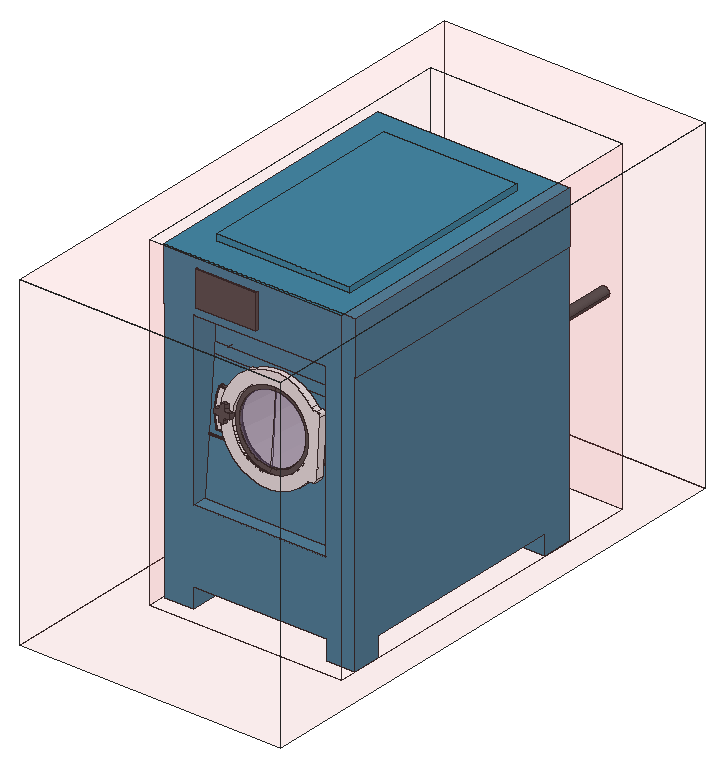
Revit family "Washer_Milnor_60lb-Capacity_MWF27", category Mechanical Equipment, Revit 2026
Family settings
  Round Connector Dimension = Use Diameter
  Part Type = Normal
  Classification Number = 23.45.70.11.14.11
  Work Plane-Based = Yes
  Always vertical = No
  Cut with Voids When Loaded = No
  Maintain Annotation Orientation = No
  Shared = No
  Room Calculation Point = No
Parameters (values of type "mwf27jab2014045d")
  doorgas = Door Opening + 0' 2 1/2"  # 1' - 6"
  Warranty Duration (Years) = 5
  Voltage_MEP = 44.5935 V
  Vibration Frequency = 0
  Unit Width = 3' - 3"
  Unit Weight = 1851
  Unit Height = 5' - 5 1/2"
  Unit Depth = 5' - 10 5/8"
  URL = "http://www.milnor.com/"
  Suspension Type = "Suspended"
  Standard Soap Chute = no
  Specification = "https://www.arcat.com/sd/clients/pellerin.html"
  SpecWizard = "https://www.arcat.com/specwizard/11110pmc/index04.htm"
  Send Message = "http://www.arcat.com/users.pl?action=UserEmail&company=Pellerin+Milnor+Corp.&coid=34740&rep=108&fax=504-468-3094&mf="
  Sales Information = "http://www.milnor.com/contact_us.aspx"
  Revision = "R1_08-2018"
  Product Properties = "https://www.arcat.com/arcatcos/cos34/arc34740.html"
  Product Data = "http://www.arcat.com/arcatcos/cos34/arc34740.html"
  Phase = 3
  Number of Poles = 1
  Model = "mwf27jab2014045d"
  Manufacturer Website = "http://www.milnor.com/"
  Manufacturer Phone - Toll Free = "800-469-8780"
  Manufacturer Phone = "504-467-9591"
  Manufacturer Fax = "504-468-3094"
  Manufacturer Address = "700 Jackson St.   Kenner, LA 70062"
  Manufacturer = "Pellerin Milnor Corp"
  Maintenance Schedule (Months) = 0
  MEP Amperage = 18.5 A
  Keynote = "11110"
  Interior Finish [instance] = Metal - Stainless Steel - Milnor - as Specified
  Installation-Fabrication = "https://www.arcat.com/catalogs/pellerin/pellerin.html"
  Installation Phase = ""
  Green Building-LEED = "https://www.arcat.com/green/green_building.shtml"
  Frequency = 60 Hz
  Extraction G-Force = "300 Gs"
  Expected Lifespan (Years) = 12
  Dynamic Load = 0.00 kip
  Drawn By = "Sumex Design, Inc. / Robert S. Weygant, CSI, CDT, SCIP"
  Door Opening = 1' - 3 1/2"
  Door Opening Depth = 1' - 5 3/4"
  Door Glazing [instance] = Glazing - Milnor - as Specified
  Door Finish [instance] = Metal - Stainless Steel - Milnor - Powder Coat as Specified
  Clearance Visible [instance] = yes
  Cabinet Front Doodads [instance] = Paint - Milnor - Black
  Description = "Milnor Commercial Washer Extractor"
  Default Elevation = 4' - 0"
  Cylinder Volume = 0.00 CF
  Cylinder Diameter = 2' - 6"
  Cylinder Depth = 1' - 10"
  Door Base from FF = 2' - 3 3/4"
  Copyright = "©Arcat Inc."
  Construction Details = "https://www.arcat.com/catalogs/pellerin/pellerin.html"
  Capacity = "60 lb"
  Cabinet Finish [instance] = Paint - Milnor - Blue
  Assembly Code = "E1010610"
  5 Compartment Supply = yes
Reference planes (in)
  plane 1 "Center (Front/Back)": y = 0
  plane 2 "Bottom": z = 0
  plane 3 "Center (Left/Right)": x = 0
  plane 4 "Front": y = -35.3125
  plane 5 "Back": y = 35.3125
  plane 6 "Left": x = -19.5
  plane 7 "Right": x = 19.5
  plane 8 "Top": z = 65.5
  plane 9: y = -53.0625
  plane 10: z = 27.75
  plane 11: y = 24.6875
  plane 12: x = -20.5
  plane 13: z = 78.98252
  plane 14: y = -28.3125
  plane 15: y = 2.95881
  plane 16: z = 70.35752
  plane 17: x = -15.875
  plane 18: x = 15.875
  plane 19: y = -25.35369
  plane 20: y = -4.58498
Forms (in)
  Extrusion 1, solid, material "Paint - Milnor - Blue" <- "Cabinet Finish"
    sketch origin (0, 0, 0) x (1, 0, 0) y (0, 0, 1)
      loop
        line (-19.5, 64.35752) -> (-19.5, 53.60752) -> (-19.1875, 53.60752) -> (-19.1875, 4) -> (19.1875, 4) -> (19.1875, 53.60752) -> (19.5, 53.60752) -> (19.5, 64.35752) -> (-19.5, 64.35752)
      loop
        line (-13.35373, 53.60752) -> (-13.35373, 19) -> (13.39627, 19) -> (13.39627, 53.60752) -> (-13.35373, 53.60752)
    from -21.95881 to 32.32761
  Extrusion 2, solid, material "Paint - Milnor - Blue" <- "Cabinet Finish"
    sketch origin (0, 0, 0) x (0, 1, 0) y (0, 0, 1)
      loop
        line (-30.5625, 6.82843) -> (21.95881, 6.82843) -> (21.95881, 15.82843) -> (21.19399, 15.82843) -> (21.19399, 53.60752) -> (-27.18521, 53.60752) -> (-27.18521, 46.47883)
        arc (-27.18521, 46.47883) -> (-27.20806, 45.43197) -> (-27.27654, 44.3871) r 24
        line (-27.27654, 44.3871) -> (-30.5625, 6.82843)
    from -15.22873 to 15.27127
  Extrusion 3, solid, material "Metal - Stainless Steel - Milnor - Powder Coat as Specified" <- "Door Finish"
    sketch origin (0, -30.5625, 6.82843) x (0, 0.087156, 0.996195) y (-1, 0, 0)
      loop
        circle (29.17799, 0) r 7.75
      loop
        arc (34.67948, -9.62729) -> (35.16456, -9.42637) -> (35.36549, -8.94129) r 0.68601
        line (35.36549, -8.94129) -> (35.36549, -8.65149)
        arc (35.36549, -8.65149) -> (35.47478, -8.19692) -> (35.77875, -7.84171) r 1
        arc (35.77875, -7.84171) -> (29.17799, 10.25) -> (22.57722, -7.84171) r 10.25
        arc (22.57722, -7.84171) -> (22.8812, -8.19692) -> (22.99049, -8.65149) r 1
        line (22.99049, -8.65149) -> (22.99049, -8.93979)
        arc (22.99049, -8.93979) -> (23.19185, -9.42593) -> (23.67799, -9.62729) r 0.6875
        line (23.67799, -9.62729) -> (34.67948, -9.62729)
    from 0 to 1.5
  Revolve 4, void
    sketch origin (0, 0, 0) x (0, 1, 0) y (0, 0, 1)
      loop
        line (-29.01567, 35.98254) -> (-5.35604, 33.91259) -> (-4.04871, 48.85551) -> (-25.96499, 50.77294) -> (-26.59687, 43.55053) -> (-28.34021, 43.70305) -> (-29.01567, 35.98254)
      axis (-29.01567, 35.98254) -> (-5.35604, 33.91259)
    angle from 0 to 360
  Extrusion 5, solid, material "Paint - Milnor - Black" <- "Cabinet Front Doodads"
    sketch origin (0, -32.32761, 0) x (1, 0, 0) y (0, 0, 1)
      loop
        line (-12.76387, 62.23611) -> (-12.76387, 55.23611) -> (-0.51387, 55.23611) -> (-0.51387, 62.23611) -> (-12.76387, 62.23611)
    from 0 to 0.33794
  Revolve 6, solid, material "Paint - Milnor - Black" <- "Cabinet Front Doodads"
    sketch origin (0, 0, 0) x (0, 1, 0) y (0, 0, 1)
      loop
        line (-27.84211, 43.65947) -> (-28.34021, 43.70305) -> (-28.42736, 42.70686) -> (-27.92927, 42.66328) -> (-27.84211, 43.65947)
      axis (-29.01567, 35.98254) -> (-28.51757, 35.93896)
    angle from 0 to 360
  Revolve 7, solid, material "Glazing - Milnor - as Specified" <- "Door Glazing"
    sketch origin (0, 0, 0) x (0, 1, 0) y (0, 0, 1)
      loop
        line (-28.51757, 35.93896) -> (-27.92927, 42.66328) -> (-28.30284, 42.69596) -> (-28.89114, 35.97165) -> (-28.51757, 35.93896)
      axis (-28.89114, 35.97165) -> (-28.51757, 35.93896)
    angle from 0 to 360
  Extrusion 8, solid, material "Paint - Milnor - Black"
    sketch origin (0, 0, 12) x (1, 0, 0) y (0, 0, 1)
      loop
        circle (15.8125, 26.25) r 0.375
      loop
        circle (15.8125, 22.125) r 0.375
      loop
        circle (15.8125, 18) r 0.375
      loop
        circle (15.8125, 13.875) r 0.375
      loop
        circle (15.8125, 8.875) r 0.375
    from -23.69767 to -21.19399
  Extrusion 9, solid, material "Paint - Milnor - Black"
    sketch origin (0, 0, 0) x (1, 0, 0) y (0, 0, 1)
      loop
        circle (-8, 10.6875) r 1.5
      loop
        circle (0, 37.95275) r 1.5
    from -23.69767 to -21.19399
  Extrusion 10, solid, material "Paint - Milnor - Black"
    sketch origin (0, 0, 12) x (1, 0, 0) y (0, 0, 1)
      loop
        circle (15.8125, 26.25) r 1
    from -35.3125 to -23.69767
  Extrusion 11, solid, material "Paint - Milnor - Black"
    sketch origin (0, 0, 0) x (1, 0, 0) y (0, 0, 1)
      loop
        circle (-17.625, 46.25) r 0.25
    from -21.95881 to -21.19399
  Extrusion 12, solid, material "Paint - Milnor - Black" <- "Cabinet Front Doodads", visible <- "5 Compartment Supply"
    sketch origin (0, 0, 0) x (0, 1, 0) y (0, 0, 1)
      loop
        line (-14.3125, 63.37839) -> (-14.3125, 55.37839) -> (2.25, 55.37839) -> (2.25, 63.37839) -> (-14.3125, 63.37839)
    from -19.5 to -19.68506
  Extrusion 13, solid, material "Paint - Milnor - Black" <- "Cabinet Front Doodads", visible <- "5 Compartment Supply"
    sketch origin (0, 3.55011, 1.0699) x (0, 1, 0) y (0, 0, 1)
      loop
        line (-11.8125, 61.16621) -> (-11.8125, 60.15664) -> (-7.35021, 60.15664) -> (-7.35021, 61.16621) -> (-11.8125, 61.16621)
    from -19.87858 to -19.68506
  Extrusion 14, solid, material "ARCAT Clearance", visible <- "Clearance Visible"
    sketch origin (-12.17672, -11.84008, 0) x (1, 0, 0) y (0, 1, 0)
      loop
        line (-15.26078, 60.65258) -> (-15.26078, -46.97242) -> (37.67672, -46.97242) -> (37.67672, 60.65258) -> (-15.26078, 60.65258)
      loop
        line (-7.32328, -24.00367) -> (31.67672, -24.00367) -> (31.67672, 47.15258) -> (-7.32328, 47.15258) -> (-7.32328, -24.00367)
    from 0 to 66.5
  Extrusion 15, solid, material "Paint - Milnor - Black"
    sketch origin (8.90408, -5.63596, 63.30195) x (-0.707107, 0.118069, 0.69718) y (-0.704416, -0.031688, -0.70908)
      loop
        line (-8.199, 34.28851) -> (-8.67775, 33.80976)
        arc (-8.67775, 33.80976) -> (-9.0313, 33.66332) -> (-9.38485, 33.80976) r 0.5
        line (-9.38485, 33.80976) -> (-9.8636, 34.28851)
        arc (-9.8636, 34.28851) -> (-10.26874, 33.98654) -> (-10.57071, 33.5814) r 1.75
        line (-10.57071, 33.5814) -> (-10.09196, 33.10266)
        arc (-10.09196, 33.10266) -> (-9.94551, 32.7491) -> (-10.09196, 32.39555) r 0.5
        line (-10.09196, 32.39555) -> (-10.57071, 31.9168)
        arc (-10.57071, 31.9168) -> (-10.26874, 31.51167) -> (-9.8636, 31.2097) r 1.75
        line (-9.8636, 31.2097) -> (-9.38485, 31.68844)
        arc (-9.38485, 31.68844) -> (-9.0313, 31.83489) -> (-8.67775, 31.68844) r 0.5
        line (-8.67775, 31.68844) -> (-8.199, 31.2097)
        arc (-8.199, 31.2097) -> (-7.79386, 31.51167) -> (-7.49189, 31.9168) r 1.75
        line (-7.49189, 31.9168) -> (-7.97064, 32.39555)
        arc (-7.97064, 32.39555) -> (-8.11709, 32.7491) -> (-7.97064, 33.10266) r 0.5
        line (-7.97064, 33.10266) -> (-7.49189, 33.5814)
        arc (-7.49189, 33.5814) -> (-7.79386, 33.98654) -> (-8.199, 34.28851) r 1.75
    from 22.02176 to 22.875
  Revolve 16, solid, material "Paint - Milnor - Black"
    sketch origin (0.5435, -30.0746, -0.55067) x (1, 0, 0) y (0, 0, 1)
      loop
        line (11.67473, 36.02686) -> (12.89396, 36.02686) -> (12.89396, 37.27686) -> (11.67473, 37.27686) -> (11.67473, 36.02686)
      axis (12.89396, 36.02686) -> (11.67473, 36.02686)
    angle from 0 to 360
  Extrusion 17, solid, material "Metal - Stainless Steel - Milnor - Powder Coat as Specified" <- "Door Finish"
    sketch origin (0, -2.64076, -2.32665) x (1, 0, 0) y (0, 0.081181, 0.996699)
      loop
        line (-9.60373, 32.23178) -> (-9.60373, 31.18742)
        arc (-9.60373, 31.18742) -> (-9.75017, 30.83387) -> (-10.10373, 30.68742) r 0.5
        line (-10.10373, 30.68742) -> (-13.35373, 30.68742) -> (-13.35373, 30.43742) -> (-10.10373, 30.43742)
        arc (-10.10373, 30.43742) -> (-9.5734, 30.65709) -> (-9.35373, 31.18742) r 0.75
        line (-9.35373, 31.18742) -> (-9.35373, 32.23178) -> (-9.60373, 32.23178)
    from 28.4349 to 28.664
  Extrusion 18, solid, material "Paint - Milnor - Black" <- "Cabinet Front Doodads"
    sketch origin (0.1258, -10.17811, 1.47739) x (1, 0, 0) y (0, 0.087156, 0.996195)
      loop
        line (-9.58301, 36.55903) -> (-11.18344, 36.55903)
        arc (-11.18344, 36.55903) -> (-11.33015, 36.51146) -> (-11.42102, 36.38685) r 0.25
        arc (-11.42102, 36.38685) -> (-12.00157, 32.7491) -> (-11.42102, 29.11136) r 11.68741
        arc (-11.42102, 29.11136) -> (-11.33015, 28.98675) -> (-11.18344, 28.93918) r 0.25
        line (-11.18344, 28.93918) -> (-9.58301, 28.93918)
        arc (-9.58301, 28.93918) -> (-9.60759, 29.0016) -> (-9.63177, 29.06418) r 10.3126
        line (-9.63177, 29.06418) -> (-11.18344, 29.06418)
        arc (-11.18344, 29.06418) -> (-11.2568, 29.08796) -> (-11.30223, 29.15027) r 0.125
        arc (-11.30223, 29.15027) -> (-11.87657, 32.7491) -> (-11.30223, 36.34794) r 11.56241
        arc (-11.30223, 36.34794) -> (-11.2568, 36.41025) -> (-11.18344, 36.43403) r 0.125
        line (-11.18344, 36.43403) -> (-9.63177, 36.43403)
        arc (-9.63177, 36.43403) -> (-9.60759, 36.49661) -> (-9.58301, 36.55903) r 10.3126
    from 20.77469 to 21.77823
  Extrusion 19, solid, material "Metal - Stainless Steel - Milnor - Powder Coat as Specified" <- "Door Finish"
    sketch origin (0.1258, -10.17811, 1.47739) x (1, 0, 0) y (0, 0.087156, 0.996195)
      loop
        line (-9.63177, 36.43403) -> (-11.18344, 36.43403)
        arc (-11.18344, 36.43403) -> (-11.2568, 36.41025) -> (-11.30223, 36.34794) r 0.125
        arc (-11.30223, 36.34794) -> (-11.87657, 32.7491) -> (-11.30223, 29.15027) r 11.56241
        arc (-11.30223, 29.15027) -> (-11.2568, 29.08796) -> (-11.18344, 29.06418) r 0.125
        line (-11.18344, 29.06418) -> (-9.63177, 29.06418)
        arc (-9.63177, 29.06418) -> (-10.3126, 32.7491) -> (-9.63177, 36.43403) r 10.3126
    from 20.77469 to 21.77823
  Extrusion 20, solid, material "Paint - Milnor - Blue" <- "Cabinet Finish"
    sketch origin (0, 0, 0) x (1, 0, 0) y (0, 1, 0)
      loop
        line (-13.5, -32.32761) -> (-13.5, -26.32761) -> (-19.1875, -26.32761) -> (-19.1875, -32.32761) -> (-13.5, -32.32761)
      loop
        line (13.5, -32.32761) -> (19.1875, -32.32761) -> (19.1875, -26.32761) -> (13.5, -26.32761) -> (13.5, -32.32761)
      loop
        line (-13.5, 21.95881) -> (-19.1875, 21.95881) -> (-19.1875, 15.95881) -> (-13.5, 15.95881) -> (-13.5, 21.95881)
      loop
        line (13.5, 21.95881) -> (13.5, 15.95881) -> (19.1875, 15.95881) -> (19.1875, 21.95881) -> (13.5, 21.95881)
    from 0 to 4
  Extrusion 21, solid, material "Paint - Milnor - Black" <- "Cabinet Front Doodads", visible <- "Standard Soap Chute"
    sketch origin (1.3125, 0, 0) x (0, 1, 0) y (0, 0, 1)
      loop
        line (-1.71125, 63.37839) -> (-1.71125, 55.37839) -> (6.28875, 55.37839) -> (6.28875, 63.37839) -> (-1.71125, 63.37839)
    from -20.8125 to -21.04456
  Extrusion 22, solid, material "Paint - Milnor - Black" <- "Cabinet Front Doodads", visible <- "Standard Soap Chute"
    sketch origin (1.3125, 0, 0) x (0, 1, 0) y (0, 0, 1)
      loop
        line (-0.8303, 62.30849) -> (-0.8303, 59.55849) -> (5.4197, 59.55849) -> (5.4197, 62.30849) -> (-0.8303, 62.30849)
    from -21.24259 to -21.04456
  Extrusion 23, solid, material "Paint - Milnor - Blue" <- "Cabinet Finish"
    sketch origin (0, 0, 0) x (1, 0, 0) y (0, 1, 0)
      loop
        line (-13.5, 15.95881) -> (-13.5, -26.32761) -> (13.5, -26.32761) -> (13.5, 15.95881) -> (-13.5, 15.95881)
    from 64.35752 to 65.5
Cuts and joins
  Revolve 4 cuts Extrusion 1
  Revolve 4 cuts Extrusion 2
  joined: Extrusion 1, Extrusion 2, Extrusion 20
  Revolve 4 cuts Extrusion 3
Lines and regions (in)
  symbolic lines, style "MechanicalEquipmentHiddenLines"
    curve 1: line (11.5, -53.0625, 0) -> (11.5, -31.0625, 0)
    curve 2: line (0, -32.8125, 61.73611) -> (0, -58.8125, 61.73611)
    curve 3: line (0, -58.8125, 61.73611) -> (0, -58.8125, 52.73611)
    curve 4: line (0, -58.8125, 52.73611) -> (0, -32.32761, 52.73611)
    curve 5: spline (0, -36.97355, 46.32551) -> (0, -40.70711, 46.97905) -> (0, -44.45902, 46.43981) -> (0, -47.85487, 44.76159) -> (0, -50.55581, 42.11186) -> (0, -52.29228, 38.75505) -> (0, -52.89103, 35.02612) -> (0, -52.29228, 31.29719) -> (0, -50.55581, 27.94038) -> (0, -47.85487, 25.29065) -> (0, -44.45902, 23.61243) -> (0, -40.70711, 23.07319) -> (0, -36.97355, 23.72673)
    curve 6: line (0, -28.01947, 43.24473) -> (0, -36.97355, 46.32551)
    curve 7: line (0, -28.01947, 27.67678) -> (0, -36.97355, 23.596)
    curve 8: spline (0, -40.89103, 27.30561) -> (0, -42.89688, 27.56868) -> (0, -44.76603, 28.33996) -> (0, -46.37111, 29.5669) -> (0, -47.60272, 31.16586) -> (0, -48.37695, 33.0279) -> (0, -48.64103, 35.02612) -> (0, -48.37695, 37.02433) -> (0, -47.60272, 38.88637) -> (0, -46.37111, 40.48534) -> (0, -44.76603, 41.71228) -> (0, -42.89688, 42.48356) -> (0, -40.89103, 42.74663)
    curve 9: spline (0, -40.89103, 42.74663) -> (0, -38.88518, 42.48356) -> (0, -37.01603, 41.71228) -> (0, -35.41095, 40.48534) -> (0, -34.17933, 38.88637) -> (0, -33.4051, 37.02433) -> (0, -33.14103, 35.02612) -> (0, -33.4051, 33.0279) -> (0, -34.17933, 31.16586) -> (0, -35.41095, 29.5669) -> (0, -37.01603, 28.33996) -> (0, -38.88518, 27.56868) -> (0, -40.89103, 27.30561)
    curve 10: line (0, 48.8125, 44) -> (0, 48.8125, 61)
    curve 11: line (0, 48.8125, 61) -> (0, 21.95881, 61)
    curve 12: line (0, 48.8125, 44) -> (0, 21.95881, 44)
    curve 13: arc (11.5, -53.0625, 0) -> (-6, -45.81376, 0) -> (-13.24874, -28.31376, 0) r 24.74874
    curve 14: line (-11.4375, 21.19399, 0) -> (-11.4375, 48.8125, 0)
    curve 15: arc (-11.4375, 48.8125, 0) -> (7.65438, 40.90438, 0) -> (15.5625, 21.8125, 0) r 27
Dimensions and locks (in)
  equal spacing: plane 6 "Left", plane 3 "Center (Left/Right)", plane 7 "Right"
  "Unit Width": plane 6 "Left" to plane 7 "Right"
  equal spacing: plane 5 "Back", plane 1 "Center (Front/Back)", plane 4 "Front"
  "Unit Depth": plane 5 "Back" to plane 4 "Front"
  "Unit Height": plane 8 "Top" to level
  "Door Opening Depth": plane 4 "Front" to plane 9
  "Door Base from FF": plane 10 to level
  Extrusion 8 sketch curve to level = 3' - 2 1/4"
  Extrusion 8 sketch curve to level = 2' - 10 1/8"
  Extrusion 8 sketch curve to level = 2' - 6"
  plane 3 "Center (Left/Right)" to Extrusion 11 sketch curve = 1' - 5 5/8"
  Extrusion 11 sketch curve to level = 3' - 10 1/4"
  locked: plane 14 to plane 4 "Front" at 7
  locked: plane 11 to plane 15 at 21.72869
  locked: plane 17 to plane 6 "Left" at 3.625
  locked: plane 18 to plane 7 "Right" at 3.625
  locked: plane 13 to plane 16 at 8.625
  locked: plane 16 to cut or joined group of Extrusion 1, Extrusion 2, Revolve 4, Extrusion 20 at 6
  locked: plane 19 to plane 14 at 2.95881
  locked: plane 15 to plane 20 at 7.54378
  Extrusion 20 to curve 3 = 2' - 2.48489"
  aligned and locked: plane 5 "Back" to Extrusion 14 sketch curve
  aligned and locked: Extrusion 20 to level
  aligned and locked: plane 6 "Left" to Extrusion 12
Automatic sketch dimensions
  curve 1 to plane 9 = 0' - 0"
  curve 15 to plane 17 = 0' - 4 7/16"
  curve 13 to plane 14 = 0' - 0.00126"
  curve 13 to plane 18 = 0' - 4 3/8"
  plane 11 to curve 15 = 0' - 2 7/8"
  plane 5 "Back" to curve 14 = 1' - 1 1/2"
  curve 1 to curve 13 = 0' - 2.74874"
  curve 14 to curve 15 = 0' - 0.61851"
  curve 6 to plane 4 "Front" = 0' - 1.66105"
  plane 5 "Back" to curve 10 = 1' - 1 1/2"
  curve 12 to plane 10 = 1' - 4 1/4"
  curve 6 to plane 10 = 1' - 6.57551"
  curve 4 to plane 8 "Top" = 1' - 0.76389"
  curve 10 to plane 8 "Top" = 0' - 4 1/2"
  curve 3 to plane 8 "Top" = 0' - 3.76389"
  plane 9 to curve 5 = 0' - 0.17147"
  curve 5 to curve 9 = 0' - 4 1/4"
  curve 8 to curve 9 = 0' - 0"
  curve 8 to curve 6 = 0' - 3.91747"
  curve 5 to curve 9 = 0' - 0"
  curve 7 to plane 4 "Front" = 0' - 1.66105"
  curve 5 to curve 7 = 0' - 0"
  plane 4 "Front" to curve 2 = 0' - 2 1/2"
  plane 4 "Front" to curve 4 = 0' - 2.98489"
  plane 14 to curve 6 = 0' - 0.29303"
  plane 10 to curve 7 = 0' - 0.07322"
  plane 14 to curve 7 = 0' - 0.29303"
  plane 11 to curve 11 = 0' - 2.72869"
  plane 11 to curve 12 = 0' - 2.72869"
  curve 6 to curve 5 = 0' - 3.08078"
  curve 8 to curve 6 = 0' - 3.57888"
  curve 8 to plane 10 = 0' - 7.27612"
  curve 5 to curve 8 = 0' - 0"
  curve 7 to curve 5 = 0' - 0.13073"
  Extrusion 1 sketch curve to plane 6 "Left" = 0' - 0"
  Extrusion 1 sketch curve to plane 7 "Right" = 0' - 0"
  plane 6 "Left" to Extrusion 1 sketch curve = 0' - 0 5/16"
  Extrusion 1 sketch curve to plane 17 = 0' - 2.52127"
  Extrusion 1 sketch curve to plane 18 = 0' - 2.47873"
  Extrusion 1 sketch curve to plane 7 "Right" = 0' - 0 5/16"
  level to Extrusion 1 sketch curve = 0' - 4"
  plane 10 to Extrusion 1 sketch curve = 0' - 8 3/4"
  Extrusion 1 sketch curve to plane 8 "Top" = 0' - 11.89248"  (x2)
  Extrusion 1 sketch curve to Extrusion 1 sketch curve = 0' - 0"
  Extrusion 1 sketch curve to plane 8 "Top" = 0' - 1.14248"
  plane 9 to Extrusion 2 sketch curve = 0' - 1.87729"
  Extrusion 2 sketch curve to plane 14 = 0' - 2 1/4"
  plane 14 to Extrusion 2 sketch curve = 0' - 1.03596"
  plane 14 to Extrusion 2 sketch curve = 0' - 1.12729"
  plane 11 to Extrusion 2 sketch curve = 0' - 3.49351"
  Extrusion 2 sketch curve to Extrusion 2 sketch curve = 0' - 0.76482"
  level to Extrusion 2 sketch curve = 0' - 6.82843"
  Extrusion 2 sketch curve to Extrusion 2 sketch curve = 0' - 9"
  Extrusion 2 sketch curve to plane 10 = 1' - 4.6371"
  Extrusion 2 sketch curve to plane 8 "Top" = 0' - 11.89248"
  Extrusion 3 sketch curve to Extrusion 3 sketch curve = 0' - 0"  (x2)
  Extrusion 2 to Extrusion 3 sketch curve = 0' - 6.61978"  (x2)
  Extrusion 3 sketch curve to Extrusion 2 = 1' - 3.71165"
  Extrusion 3 sketch curve to Extrusion 3 sketch curve = 0' - 1"  (x2)
  Extrusion 3 sketch curve to Extrusion 3 sketch curve = 0' - 0 11/16"
  Extrusion 3 sketch curve to Extrusion 2 = 0' - 8.52415"
  Extrusion 3 sketch curve to Extrusion 2 = 0' - 3.02265"
  Extrusion 3 sketch curve to Extrusion 3 sketch curve = 0' - 0.68601"
  Extrusion 3 sketch curve to Extrusion 3 sketch curve = 0' - 0.28831"
  Extrusion 3 sketch curve to Extrusion 3 sketch curve = 0' - 8.93979"
  Extrusion 3 sketch curve to Extrusion 3 sketch curve = 0' - 0.41327"
  Revolve 4 sketch curve to plane 14 = 0' - 0.70317"
  Revolve 4 sketch curve to plane 14 = 0' - 0.02771"
  Revolve 4 sketch curve to plane 19 = 0' - 1.24318"
  Revolve 4 sketch curve to plane 19 = 0' - 0.6113"
  Revolve 4 sketch curve to plane 20 = 0' - 0.77106"
  Revolve 4 sketch curve to plane 10 = 0' - 6.16259"
  Revolve 4 sketch curve to Revolve 4 sketch curve = 0' - 2.06995"
  plane 14 to Revolve 4 sketch curve = 0' - 0.29303"
  Revolve 4 sketch curve to Revolve 4 sketch curve = 0' - 0.24905"
  Revolve 4 sketch curve to Revolve 4 sketch curve = 0' - 0.02179"
  Revolve 4 sketch curve to Revolve 4 sketch curve = 0' - 0.08716"
  Extrusion 1 to Extrusion 5 sketch curve = 0' - 0 151/256"
  Extrusion 5 sketch curve to Extrusion 1 = 0' - 1.62859"
  Extrusion 5 sketch curve to Extrusion 5 sketch curve = 1' - 0 1/4"
  Extrusion 5 sketch curve to Extrusion 1 = 0' - 2.12141"
  Revolve 6 sketch curve to plane 14 = 0' - 0.11486"
  Revolve 6 sketch curve to plane 14 = 0' - 0.02771"
  plane 14 to Revolve 6 sketch curve = 0' - 0.38323"
  Revolve 6 sketch curve to plane 10 = 1' - 2.91328"
  Revolve 6 sketch curve to Revolve 6 sketch curve = 0' - 0.04358"
  plane 14 to Revolve 6 sketch curve = 0' - 0.29303"
  plane 19 to Revolve 6 sketch curve = 0' - 7.04712"
  Revolve 6 sketch curve to Revolve 6 sketch curve = 0' - 6.76789"
  Revolve 6 sketch curve to plane 10 = 0' - 7.29562"
  Revolve 7 sketch curve to plane 14 = 0' - 0.57864"
  Revolve 7 sketch curve to plane 14 = 0' - 0.20507"
  plane 14 to Revolve 7 sketch curve = 0' - 0.00966"
  Revolve 7 sketch curve to plane 10 = 0' - 8.18896"
  Revolve 7 sketch curve to Revolve 7 sketch curve = 0' - 0.03268"
  Revolve 7 sketch curve to Revolve 7 sketch curve = 0' - 0"  (x2)
  plane 19 to Revolve 7 sketch curve = 0' - 4.05854"
  Revolve 7 sketch curve to Revolve 7 sketch curve = 0' - 0.63188"
  Extrusion 8 sketch curve to plane 18 = 0' - 0 1/16"  (x5)
  plane 10 to Extrusion 8 sketch curve = 0' - 1 7/8"
  Extrusion 8 sketch curve to Extrusion 8 sketch curve = 0' - 5"
  Extrusion 9 sketch curve to plane 3 "Center (Left/Right)" = 0' - 0"
  Extrusion 9 sketch curve to plane 17 = 0' - 7 7/8"
  level to Extrusion 9 sketch curve = 0' - 10 11/16"
  Extrusion 9 sketch curve to plane 10 = 0' - 10.20275"
  Extrusion 10 sketch curve to plane 18 = 0' - 0 1/16"
  Extrusion 10 sketch curve to plane 10 = 0' - 10 1/2"
  Extrusion 12 sketch curve to plane 20 = 0' - 9.72752"
  Extrusion 12 sketch curve to plane 15 = 0' - 0.70881"
  Extrusion 12 sketch curve to plane 8 "Top" = 0' - 10.12161"
  Extrusion 12 sketch curve to plane 8 "Top" = 0' - 2.12161"
  Extrusion 13 sketch curve to plane 20 = 0' - 3.67742"
  plane 20 to Extrusion 13 sketch curve = 0' - 0.78487"
  Extrusion 13 sketch curve to plane 8 "Top" = 0' - 4.27346"
  Extrusion 13 sketch curve to Extrusion 13 sketch curve = 0' - 1.00957"
  Extrusion 14 sketch curve to plane 6 "Left" = 0' - 0"
  Extrusion 14 sketch curve to plane 7 "Right" = 0' - 0"
  plane 12 to Extrusion 14 sketch curve = 0' - 6 15/16"
  plane 7 "Right" to Extrusion 14 sketch curve = 0' - 6"
  Extrusion 14 sketch curve to plane 4 "Front" = 0' - 0 17/32"
  Extrusion 14 sketch curve to plane 9 = 0' - 5 3/4"
  plane 5 "Back" to Extrusion 14 sketch curve = 1' - 1 1/2"
  Extrusion 15 sketch curve to Extrusion 15 sketch curve = 0' - 0"  (x15)
  Extrusion 15 sketch curve to Extrusion 15 sketch curve = 0' - 0.12519"  (x2)
  Extrusion 15 sketch curve to Extrusion 15 sketch curve = 0' - 0.35355"  (x12)
  Extrusion 15 sketch curve to Extrusion 15 sketch curve = 0' - 0.70711"  (x4)
  Extrusion 15 sketch curve to Extrusion 15 sketch curve = 0' - 0.47875"  (x11)
  Revolve 16 sketch curve to plane 18 = 0' - 3.65677"
  Revolve 16 sketch curve to Revolve 16 sketch curve = 0' - 1.21922"
  Revolve 16 sketch curve to plane 10 = 0' - 7.7262"
  Revolve 16 sketch curve to Revolve 16 sketch curve = 0' - 1 1/4"
  Revolve 16 sketch curve to Revolve 16 sketch curve = 0' - 0.24769"
  Revolve 16 sketch curve to Revolve 16 sketch curve = 0' - 0.50231"
  Revolve 16 sketch curve to Revolve 16 sketch curve = 0' - 0"
  Extrusion 17 sketch curve to Extrusion 17 sketch curve = 0' - 0"  (x2)
  Extrusion 17 sketch curve to plane 17 = 0' - 2.52127"
  Extrusion 17 sketch curve to Extrusion 17 sketch curve = 0' - 3 1/4"
  Extrusion 17 sketch curve to Extrusion 17 sketch curve = 0' - 0 1/2"
  Extrusion 17 sketch curve to Extrusion 17 sketch curve = 0' - 0 1/4"
  Extrusion 17 sketch curve to Extrusion 17 sketch curve = 0' - 1.04436"
  Extrusion 18 sketch curve to Extrusion 18 sketch curve = 0' - 0"  (x11)
  Extrusion 18 sketch curve to plane 17 = 0' - 4.81736"  (x2)
  Extrusion 18 sketch curve to Extrusion 18 sketch curve = 0' - 1.55167"  (x2)
  Extrusion 18 sketch curve to Extrusion 18 sketch curve = 0' - 0.04876"  (x2)
  Extrusion 18 sketch curve to plane 3 "Center (Left/Right)" = 0' - 0.18837"
  plane 3 "Center (Left/Right)" to Extrusion 18 sketch curve = 0' - 0.1258"
  Extrusion 18 sketch curve to Extrusion 18 sketch curve = 0' - 0 1/8"  (x3)
  Extrusion 18 sketch curve to Extrusion 18 sketch curve = 0' - 7.11986"
  Extrusion 19 sketch curve to plane 17 = 0' - 4.81736"  (x2)
  Extrusion 19 sketch curve to Extrusion 19 sketch curve = 0' - 1.55167"  (x2)
  Extrusion 19 sketch curve to plane 3 "Center (Left/Right)" = 0' - 0.18837"
  plane 3 "Center (Left/Right)" to Extrusion 19 sketch curve = 0' - 0.1258"
  Extrusion 19 sketch curve to Extrusion 19 sketch curve = 0' - 0 1/8"  (x2)
  Extrusion 19 sketch curve to Extrusion 19 sketch curve = 0' - 3.68493"
  Extrusion 19 sketch curve to Extrusion 19 sketch curve = 0' - 0"  (x2)
  plane 6 "Left" to Extrusion 20 sketch curve = 0' - 0 5/16"  (x2)
  Extrusion 20 sketch curve to plane 17 = 0' - 2 3/8"  (x2)
  Extrusion 20 sketch curve to plane 18 = 0' - 2 3/8"  (x2)
  Extrusion 20 sketch curve to plane 19 = 0' - 0.97392"  (x2)
  Extrusion 20 sketch curve to plane 7 "Right" = 0' - 0 5/16"  (x2)
  plane 4 "Front" to Extrusion 20 sketch curve = 0' - 2.98489"  (x2)
  plane 11 to Extrusion 20 sketch curve = 0' - 8.72869"  (x2)
  plane 11 to Extrusion 20 sketch curve = 0' - 2.72869"  (x2)
  plane 1 "Center (Front/Back)" to Extrusion 21 sketch curve = 0' - 1.71125"
  plane 15 to Extrusion 21 sketch curve = 0' - 3.32994"
  Extrusion 21 sketch curve to plane 8 "Top" = 0' - 10.12161"
  Extrusion 21 sketch curve to plane 8 "Top" = 0' - 2.12161"
  plane 1 "Center (Front/Back)" to Extrusion 22 sketch curve = 0' - 0.8303"
  plane 15 to Extrusion 22 sketch curve = 0' - 2.46089"
  Extrusion 22 sketch curve to plane 8 "Top" = 0' - 5.94151"
  Extrusion 22 sketch curve to Extrusion 22 sketch curve = 0' - 2 3/4"
  plane 6 "Left" to Extrusion 23 sketch curve = 0' - 6"
  Extrusion 23 sketch curve to plane 7 "Right" = 0' - 6"
  Extrusion 23 sketch curve to plane 19 = 0' - 0.97392"
  plane 11 to Extrusion 23 sketch curve = 0' - 8.72869"
  radius of Extrusion 3 sketch curve = 0' - 7 3/4"
  radius of Extrusion 8 sketch curve = 0' - 0 3/8"  (x5)
  radius of Extrusion 9 sketch curve = 0' - 1 1/2"  (x2)
  radius of Extrusion 10 sketch curve = 0' - 1"
  radius of Extrusion 11 sketch curve = 0' - 0 1/4"
Connectors (in)
  piping at (-8, 23.69767, 10.6875), diameter 3
    settings: on Extrusion 9, index 1, connector inside diameter 3", connector length 0' - 0", flow factor 0, pipe flow 0 GPM, pressure drop 0.00 psi, fitting loss kfactor 0, connector angle 0.00°, fixture units 0, engagement length 0' - 0", angle of deflection 0.00°, flow configuration 0, flow direction 2, fitting loss method 0, system type 16, joint type 0, gender type 0, connector reference index -1, connector utility 0, adjustable connector no, is connector primary yes, connector description "Drain"
  piping at (15.8125, 35.3125, 38.25), diameter 0.75
    settings: on Extrusion 10, index 2, connector inside diameter 3/4", connector length 0' - 0", flow factor 0, pipe flow 0 GPM, pressure drop 0.00 psi, fitting loss kfactor 0, connector angle 0.00°, fixture units 0, engagement length 0' - 0", angle of deflection 0.00°, flow configuration 0, flow direction 1, fitting loss method 0, system type 19, joint type 0, gender type 0, connector reference index -1, connector utility 0, adjustable connector no, is connector primary no, connector description "DHW Chemical Flush"
  piping at (15.8125, 23.69767, 34.125), diameter 0.75
    settings: on Extrusion 8, index 3, connector inside diameter 3/4", connector length 0' - 0", flow factor 0, pipe flow 0 GPM, pressure drop 0.00 psi, fitting loss kfactor 0, connector angle 0.00°, fixture units 0, engagement length 0' - 0", angle of deflection 0.00°, flow configuration 0, flow direction 1, fitting loss method 0, system type 19, joint type 0, gender type 0, connector reference index -1, connector utility 0, adjustable connector no, is connector primary no, connector description "DHW Inlet"
  piping at (15.8125, 23.69767, 30), diameter 0.75
    settings: on Extrusion 8, index 4, connector inside diameter 3/4", connector length 0' - 0", flow factor 0, pipe flow 0 GPM, pressure drop 0.00 psi, fitting loss kfactor 0, connector angle 0.00°, fixture units 0, engagement length 0' - 0", angle of deflection 0.00°, flow configuration 0, flow direction 1, fitting loss method 0, system type 20, joint type 0, gender type 0, connector reference index -1, connector utility 0, adjustable connector no, is connector primary no, connector description "DCW Inlet"
  electrical at (-17.625, 21.95881, 46.25)
    settings: on Extrusion 11, index 5, voltage 0 V, apparent load 0 VA, apparent load phase1 0 VA, apparent load phase2 0 VA, apparent load phase3 0 VA, power factor 1, load classification "Other", number of poles 1, system type 31, power factor state 1, is connector primary yes, connector utility no, sub classification motor no, connector description ""
  piping at (15.8125, 23.69767, 25.875), diameter 0.75
    settings: on Extrusion 8, index 6, connector inside diameter 24", connector length 0' - 0", flow factor 0, pipe flow 0 GPM, pressure drop 0.00 psi, fitting loss kfactor 0, connector angle 0.00°, fixture units 0, engagement length 0' - 0", angle of deflection 0.00°, flow configuration 0, flow direction 1, fitting loss method 0, system type 22, joint type 0, gender type 0, connector reference index -1, connector utility 0, adjustable connector no, is connector primary no, connector description ""
  piping at (15.8125, 23.69767, 20.875), diameter 0.75
    settings: on Extrusion 8, index 7, connector inside diameter 24", connector length 0' - 0", flow factor 0, pipe flow 0 GPM, pressure drop 0.00 psi, fitting loss kfactor 0, connector angle 0.00°, fixture units 0, engagement length 0' - 0", angle of deflection 0.00°, flow configuration 0, flow direction 1, fitting loss method 0, system type 7, joint type 0, gender type 0, connector reference index -1, connector utility 0, adjustable connector no, is connector primary no, connector description ""
  piping at (0, 23.69767, 37.95275), diameter 3
    settings: on Extrusion 9, index 8, connector inside diameter 24", connector length 0' - 0", flow factor 0, pipe flow 0 GPM, pressure drop 0.00 psi, fitting loss kfactor 0, connector angle 0.00°, fixture units 0, engagement length 0' - 0", angle of deflection 0.00°, flow configuration 0, flow direction 2, fitting loss method 0, system type 17, joint type 0, gender type 0, connector reference index -1, connector utility 0, adjustable connector no, is connector primary no, connector description ""
